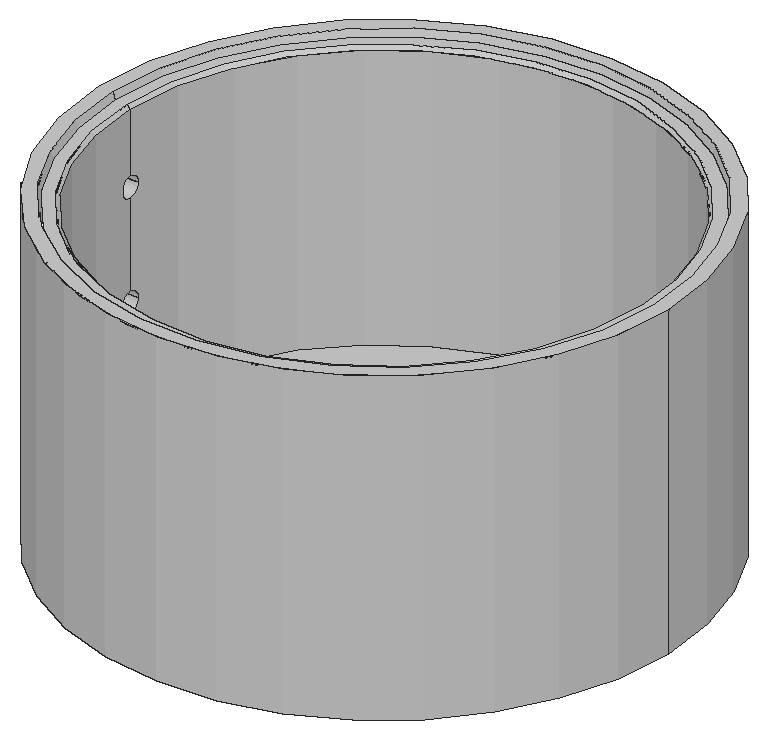
Revit family "KODF 15.9", category Фундамент несущей конструкции, Revit 2025
Family settings
  Материал для поведения модели = Прочее
  Заглушка = Нет
  Номер OmniClass = 23.25.05.00
  Заголовок OmniClass = Foundations
  На основе рабочей плоскости = Нет
  Всегда вертикально = Да
  При загрузке вырезать с полостями = Нет
  Общий = Нет
  Показывать семейство разрезанным на планах = Да
Parameters
  Петля = Петля_П1_П2 : П2
Reference planes
  plane 1 "По центру (Вперед/Назад)": y = -35
  plane 2: z = 0
  plane 3 "По центру (Влево/Вправо)": x = 0
  plane 4: z = 910
  plane 5: through (-794.295, -4572, 890) normal (-0.9408, 0, -0.3389)
  plane 6: z = 890
  plane 7: z = 880
  plane 8: through (-750, -4572, 880) normal (-0.7071, 0, -0.7071)
  plane 9: x = -750
  plane 10: x = -840
  plane 11: x = 750
  plane 12: x = 840
  plane 13: x = -801.5
  plane 14: through (750, -4572, 880) normal (-0.7071, 0, 0.7071)
  plane 15: through (794.295, -4572, 890) normal (-0.9408, 0, 0.3389)
  plane 16: x = 801.5
  plane 17: z = 370
  plane 18: x = 830
  plane 19: x = -830
  plane 20: z = 150
  plane 21: z = 675
Forms (mm)
  Extrusion 1, solid, material "Бетон В15"
    sketch origin (0, 0, 0) x (1, 0, 0) y (0, 1, 0)
      loop
        circle (0, -35) r 840
      loop
        circle (0, -35) r 750
    from 0 to 910
  Blend 2, void
    base sketch origin (0, 0, 0) x (1, 0, 0) y (0, 1, 0)
      loop
        circle (0, -35) r 750
    top sketch origin (0, 0, 0) x (1, 0, 0) y (0, 1, 0)
      loop
        circle (0, -35) r 760
    from 880 to 890
  Blend 3, void
    base sketch origin (0, 0, 0) x (1, 0, 0) y (0, 1, 0)
      loop
        circle (0, -35) r 794.295
    top sketch origin (0, 0, 0) x (1, 0, 0) y (0, 1, 0)
      loop
        circle (0, -35) r 801.5
    from 890 to 910
  Extrusion 4, void
    sketch origin (0, 0, 0) x (0, 1, 0) y (0, 0, 1)
      loop
        circle (-35, 370) r 30
    from -830 to 830
  Extrusion 5, solid, material "Бетон В15"
    sketch origin (0, 0, 0) x (1, 0, 0) y (0, 1, 0)
      loop
        circle (0, -35) r 750
    from 0 to 100
  Extrusion 6, void
    sketch origin (0, 0, 305) x (0, 1, 0) y (0, 0, 1)
      loop
        circle (-35, 370) r 30
    from -830 to 830
Cuts and joins
  Blend 2, Blend 3, Extrusion 4, Extrusion 6 cuts Extrusion 1
  Extrusion 6 cuts Extrusion 5
  joined: Extrusion 1, Extrusion 5
Dimensions and locks
  plane 4 to level = 910 mm
  plane 17 to level = 370 mm
  plane 21 to plane 17 = 305 mm
  aligned and locked: plane 2 to level
